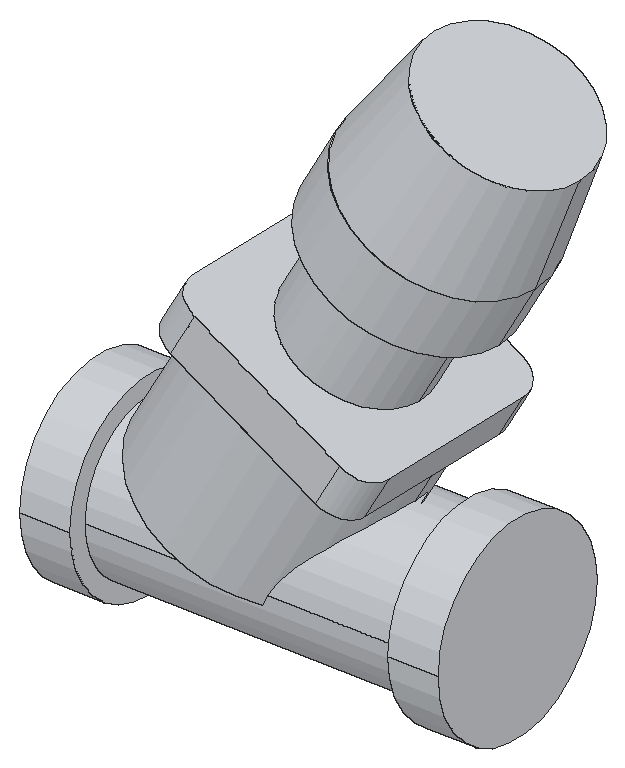
Revit family "OPTIMA_Compact_MM_DN20_5,0_RFA_2018", category Pipe Accessories, Revit 2018
Family settings
  Round Connector Dimension = Use Diameter
  Part Type = Valve - Breaks Into
  Work Plane-Based = No
  Always vertical = Yes
  Cut with Voids When Loaded = No
  Shared = No
Parameters (values of type "OPTIMA Compact DN20 M-M 5.0mm")
  magiProductId = "dbf1ea5749af4e6bb74c096f7a23b2"
  magiProductFamilyId = "78ecc78dd0e54fb5aa8a98aef7d402"
  magiPartTypeId = 304
  isMeasuringValve [instance] = no
  ang2D [instance] = 0.00°
  Z = 0 mm
  X = 10 mm
  W2D = 32 mm
  VersionID = "2.0/2018.8.28.1/FRESE_OPTIMA-COMPACT-MM_001"
  Use Minimum Symbol Size [instance] = yes
  URL = "www.hydronic.cz"
  Type Comments = "vnější závit; PN25; 0~120°C, bez měřicích vsuvek"
  R9 = 8 mm
  R8 = 14 mm
  R7 = 17 mm
  R6 = 12 mm
  R5 = 5 mm
  R4 = 19 mm
  R3 = 19 mm
  R2 = 13.5 mm
  R1 = 16.5 mm
  QmdConnectorList = "301;D;302;D"
  Productdata [instance] = ""
  PLG0 = no
  Manufacturer = "Hydronic Systems Prague s.r.o."
  MC Product Code = "53-1308  (1\" M-M; 5.0mm; Qmin-dpmin 220l/h-16.0kPa; Qmax-dpmin 1330l/h-21.6kPa; dpmax 800kPa)"
  MC Piping Given Pressure Drop [instance] = 0.0 Pa
  LL = 35 mm
  L3 = 11 mm
  L2D_Min = 3048 mm
  L2D = 104 mm
  L2 = 53.2 mm
  L1__ve = -L1  # -8.4 mm
  L1 = 8.4 mm
  H6__ve = -H6  # -58.5 mm
  H6 = 58.5 mm
  H5 = 20 mm
  H4 = 12 mm
  H3 = 18 mm
  H2 = 8 mm
  H1 = 26 mm
  Description = "Tlakově nezávislý 2-cestný regulační vyvažovací ventil (PICV)"
  D = 20 mm
  A = 30.00°
Types (8, lengths in mm): name | magiProductId | Z | X | R4 | R3 | R2 | R1 | MC Product Code | LL | L3 | L2 | L1__ve | L1 | H6__ve | H6 | H5 | H3 | H2 | H1 | D
  OPTIMA Compact DN32 M-M 5.5mm | "9229f6b2647a4beea29cfed7a0464e" | 1 | 13 | 29 | 31.5 | 22 | 24 | "53-1314  (6/4\" M-M; 5.5mm; Qmin-dpmin 550l/h-17.9kPa; Qmax-dpmin 4001l/h-28.0kPa; dpmax 800kPa)" | 52 | 12.5 | 79.04 | -12.48 | 12.48 | -66 | 66 | 20 | 16 | 10 | 46 | 32
  OPTIMA Compact DN15 M-M 2.5mm | "cf91b4957677408aaed6de7f8e707d" | 0 | 7 | 19 | 19 | 12 | 13 | "53-1304  (3/4\" M-M; 2.5mm; Qmin-dpmin 100l/h-14.9kPa; Qmax-dpmin 575l/h-18.5kPa; dpmax 800kPa)" | 32.5 | 11 | 49.4 | -7.8 | 7.8 | -55 | 55 | 20 | 18 | 8 | 26 | 15
  OPTIMA Compact DN15 M-M 5.0mm | "3da7abe28dc3494da6d3a7ef2edb11" | 0 | 7 | 19 | 19 | 12 | 13 | "53-1305  (3/4\" M-M; 5.0mm; Qmin-dpmin 220l/h-16.0kPa; Qmax-dpmin 1330l/h-21.6kPa; dpmax 800kPa)" | 32.5 | 11 | 49.4 | -7.8 | 7.8 | -55 | 55 | 20 | 18 | 8 | 26 | 15
  OPTIMA Compact DN20 M-M 5.0mm | "dbf1ea5749af4e6bb74c096f7a23b2" | 0 | 10 | 19 | 19 | 13.5 | 16.5 | "53-1308  (1\" M-M; 5.0mm; Qmin-dpmin 220l/h-16.0kPa; Qmax-dpmin 1330l/h-21.6kPa; dpmax 800kPa)" | 35 | 11 | 53.2 | -8.4 | 8.4 | -58.5 | 58.5 | 20 | 18 | 8 | 26 | 20
  OPTIMA Compact DN20 M-M 5.5mm | "a40c776a67e54a899e920652842cb9" | 0 | 10 | 19 | 19 | 13.5 | 16.5 | "53-1311  (1\" M-M; 5.5mm; Qmin-dpmin 300l/h-17.8kPa; Qmax-dpmin 1800l/h-40.0kPa; dpmax 800kPa)" | 35 | 11 | 53.2 | -8.4 | 8.4 | -58.5 | 58.5 | 20 | 18 | 8 | 26 | 20
  OPTIMA Compact DN25 M-M 5.5mm | "c9531e40f709430d814b4200686e37" | 0 | 13 | 29 | 31.5 | 18.5 | 21 | "53-1313  (5/4\" M-M; 5.5mm; Qmin-dpmin 600l/h-17.3kPa; Qmax-dpmin 3609l/h-23.0kPa; dpmax 800kPa)" | 52 | 12.5 | 79.04 | -12.48 | 12.48 | -63 | 63 | 20 | 16 | 10 | 43 | 25
  OPTIMA Compact DN10 M-M 2.5mm | "719160033de540c9acf49957212ec3" | 0 | 7 | 19 | 19 | 9 | 10.5 | "53-1300  (1/2\" M-M; 2.5mm; Qmin-dpmin 30l/h-14.3kPa; Qmax-dpmin 200l/h-15.8kPa; dpmax 800kPa)" | 32.5 | 11 | 49.4 | -7.8 | 7.8 | -52.5 | 52.5 | 17 | 18 | 8 | 30 | 10
  OPTIMA Compact DN10 M-M 5.0mm | "5a6cfbbfc7584f5c989f475761ae24" | 0 | 7 | 19 | 19 | 9 | 10.5 | "53-1309  (1/2\" M-M; 5.0mm; Qmin-dpmin 65l/h-14.6kPa; Qmax-dpmin 370l/h-17.2kPa; dpmax 800kPa)" | 32.5 | 11 | 49.4 | -7.8 | 7.8 | -52.5 | 52.5 | 17 | 18 | 8 | 30 | 10
Reference planes
  plane 1 "Center (Front/Back)": y = 0
  plane 2 "XYPLANE": z = 0
  plane 3 "Center (Left/Right)": x = 0
  plane 4 "267": x = 11
  plane 5 "266": x = -11
  plane 6 "252": through (-607.519, 0, 447.746) normal (0.5, 0, 0.866)
  plane 7 "250": through (-617.519, 0, 430.426) normal (0.5, 0, 0.866)
  plane 8 "248": through (-623.519, 0, 420.033) normal (0.5, 0, 0.866)
  plane 9 "245": through (-632.519, 0, 404.445) normal (0.5, 0, 0.866)
  plane 10 "241": through (349.885, 0, 664.019) normal (0.866, 0, -0.5)
  plane 11 "240": through (382.794, 0, 645.019) normal (0.866, 0, -0.5)
  plane 12 "239": y = -19
  plane 13 "238": y = 19
  plane 14 "237": through (-636.519, 0, 397.517) normal (0.5, 0, 0.866)
  plane 15 "235": through (-649.519, 0, 375) normal (0.5, 0, 0.866)
  plane 16 "231": y = 0
  plane 17 "230": through (366.34, 0, 654.519) normal (0.866, 0, -0.5)
  plane 18 "211": x = -26.6
  plane 19 "204": x = 35
  plane 20 "203": x = -35
  plane 21 "202": x = 0
  plane 22 "201": z = 0
  plane 23 "200": y = 0
  plane 24 "227XY": through (-649.519, 0, 375) normal (0.5, 0, 0.866)
  plane 25 "227XZ": y = 0
  plane 26 "227YZ": through (375, 0, 649.519) normal (0.866, 0, -0.5)
Forms (mm)
  Extrusion 1, solid, visible <- "PLG0"
    sketch origin (-750, 0, 0) x (1, 0, 0) y (0, 1, 0)
      loop
        circle (761, 0) r 8
    from 0 to -58.5 <- "H6__ve"
  Extrusion 2, solid, visible <- "PLG0"
    sketch origin (-750, 0, 0) x (1, 0, 0) y (0, 1, 0)
      loop
        circle (739, 0) r 8
    from 0 to -58.5 <- "H6__ve"
  Blend 3, solid
    base sketch origin (-617.519, 0, 430.426) x (0.866025, 0, -0.5) y (0, 1, 0)
      loop
        circle (740, 0) r 17
    top sketch origin (-617.519, 0, 430.426) x (0.866025, 0, -0.5) y (0, 1, 0)
      loop
        circle (740, 0) r 14
    from 0 to 20
  Extrusion 4, solid
    sketch origin (-623.519, 0, 420.033) x (0.866025, 0, -0.5) y (0, 1, 0)
      loop
        circle (740, 0) r 17
    from 0 to 12 <- "H4"
  Extrusion 5, solid
    sketch origin (-632.519, 0, 404.445) x (0.866025, 0, -0.5) y (0, 1, 0)
      loop
        circle (740, 0) r 12
    from 0 to 18 <- "H3"
  Extrusion 6, solid
    sketch origin (-636.519, 0, 397.517) x (0.866025, 0, -0.5) y (0, 1, 0)
      loop
        arc (726, 19) -> (722.464, 17.536) -> (721, 14) r 5
        line (721, 14) -> (721, -14)
        arc (721, -14) -> (722.464, -17.536) -> (726, -19) r 5
        line (726, -19) -> (754, -19)
        arc (754, -19) -> (757.536, -17.536) -> (759, -14) r 5
        line (759, -14) -> (759, 14)
        arc (759, 14) -> (757.536, 17.536) -> (754, 19) r 5
        line (754, 19) -> (726, 19)
    from 0 to 8 <- "H2"
  Extrusion 7, solid
    sketch origin (-649.519, 0, 375) x (0.866025, 0, -0.5) y (0, 1, 0)
      loop
        circle (740, 0) r 19
    from 0 to 26 <- "H1"
  Extrusion 8, solid
    sketch origin (-26.6, -750, 0) x (0, 1, 0) y (0, 0, 1)
      loop
        circle (750, 0) r 13.5
    from 0 to 53.2 <- "L2"
  Extrusion 9, solid
    sketch origin (35, -750, 0) x (0, 1, 0) y (0, 0, 1)
      loop
        circle (750, 0) r 16.5
    from 0 to -8.4 <- "L1__ve"
  Extrusion 10, solid
    sketch origin (-35, -750, 0) x (0, 1, 0) y (0, 0, 1)
      loop
        circle (750, 0) r 16.5
    from 0 to 8.4 <- "L1"
  Extrusion 11, solid, not visible
    sketch origin (35, -750, 0) x (0, 1, 0) y (0, 0, 1)
      loop
        circle (750, 0) r 10
    from 0 to -10
  Extrusion 12, solid, not visible
    sketch origin (-35, -750, 0) x (0, 1, 0) y (0, 0, 1)
      loop
        circle (750, 0) r 10
    from 0 to 10
Lines and regions (mm)
  reference lines, not visible
    curve 1: circle (2, 2, 0) r 1 normal (0, 0, 1)
Dimensions and locks
  plane 1 "Center (Front/Back)" to curve 1 = 2 mm
  "L3": plane 3 "Center (Left/Right)" to plane 4 "267"
  "L3": plane 3 "Center (Left/Right)" to plane 5 "266"
  "H5": plane 7 "250" to plane 6 "252"
  "H4": plane 8 "248" to plane 7 "250"
  "H3": plane 9 "245" to plane 8 "248"
  "H2": plane 14 "237" to plane 9 "245"
  "R4": plane 17 "230" to plane 10 "241"
  "R4": plane 17 "230" to plane 11 "240"
  "R4": plane 23 "200" to plane 12 "239"
  "R4": plane 23 "200" to plane 13 "238"
  "H1": plane 15 "235" to plane 14 "237"
  "Z": plane 24 "227XY" to plane 15 "235"
  locked: plane 23 "200" to plane 16 "231"
  "X": plane 26 "227YZ" to plane 17 "230"
  "L1": plane 20 "203" to plane 18 "211"
  "LL": plane 3 "Center (Left/Right)" to plane 19 "204"
  "LL": plane 3 "Center (Left/Right)" to plane 20 "203"
  locked: plane 3 "Center (Left/Right)" to plane 21 "202"
  locked: plane 2 "XYPLANE" to plane 22 "201"
  locked: plane 1 "Center (Front/Back)" to plane 23 "200"
  Extrusion 6 sketch curve to Extrusion 6 sketch curve = 0 mm  (x16)
  "R9": radius of Extrusion 1 sketch curve
  "R9": radius of Extrusion 2 sketch curve
  "R8": radius of Blend 3 sketch curve
  "R7": radius of Blend 3 sketch curve
  "R7": radius of Extrusion 4 sketch curve
  "R6": radius of Extrusion 5 sketch curve
  "R5": radius of Extrusion 6 sketch curve  (x4)
  "R3": radius of Extrusion 7 sketch curve
  "R2": radius of Extrusion 8 sketch curve
  "R1": radius of Extrusion 9 sketch curve
  "R1": radius of Extrusion 10 sketch curve
  aligned and locked: level to plane 2 "XYPLANE"
  aligned and locked: plane 4 "267" to Extrusion 1 sketch curve
  aligned and locked: plane 23 "200" to Extrusion 1 sketch curve
  aligned and locked: plane 5 "266" to Extrusion 2 sketch curve
  aligned and locked: plane 23 "200" to Extrusion 2 sketch curve
  aligned and locked: plane 16 "231" to Blend 3 sketch curve  (x2)
  aligned and locked: Blend 3 sketch curve to plane 17 "230"  (x2)
  aligned and locked: plane 6 "252" to Blend 3
  aligned and locked: plane 16 "231" to Extrusion 4 sketch curve
  aligned and locked: Extrusion 4 sketch curve to plane 17 "230"
  aligned and locked: plane 16 "231" to Extrusion 5 sketch curve
  aligned and locked: Extrusion 5 sketch curve to plane 17 "230"
  aligned and locked: Extrusion 6 sketch curve to plane 10 "241"
  aligned and locked: Extrusion 6 sketch curve to plane 12 "239"
  aligned and locked: Extrusion 6 sketch curve to plane 11 "240"
  aligned and locked: plane 13 "238" to Extrusion 6 sketch curve
  aligned and locked: plane 16 "231" to Extrusion 7 sketch curve
  aligned and locked: Extrusion 7 sketch curve to plane 17 "230"
  aligned and locked: plane 22 "201" to Extrusion 8 sketch curve
  aligned and locked: Extrusion 8 sketch curve to plane 23 "200"
  aligned and locked: plane 22 "201" to Extrusion 9 sketch curve
  aligned and locked: Extrusion 9 sketch curve to plane 23 "200"
  aligned and locked: plane 22 "201" to Extrusion 10 sketch curve
  aligned and locked: Extrusion 10 sketch curve to plane 23 "200"
  aligned and locked: plane 22 "201" to Extrusion 11 sketch curve
  aligned and locked: Extrusion 11 sketch curve to plane 23 "200"
  aligned and locked: plane 22 "201" to Extrusion 12 sketch curve
  aligned and locked: Extrusion 12 sketch curve to plane 23 "200"
Automatic sketch dimensions
  plane 1 "Center (Front/Back)" to Extrusion 11 sketch curve = 10 mm
  plane 1 "Center (Front/Back)" to Extrusion 12 sketch curve = 10 mm
  plane 3 "Center (Left/Right)" to curve 1 = 2 mm
  radius of curve 1 = 1 mm
Connectors
  piping at (-35, 0, 0), diameter 20, driven by "D"
    settings: on Extrusion 12, index 1, connector inside diameter 609.6 mm, connector length 0 mm, flow factor 0, pipe flow 0.0 L/s, pressure drop 0.0 Pa, fitting loss kfactor 0, connector angle 0.00°, fixture units 0, engagement length 0 mm, angle of deflection 0.00°, flow configuration 0, flow direction 0, fitting loss method 0, system type 29, joint type 0, gender type 0, connector reference index 2, connector utility 0, adjustable connector no, is connector primary yes, connector description ""
  piping at (35, 0, 0), diameter 20, driven by "D"
    settings: on Extrusion 11, index 2, connector inside diameter 609.6 mm, connector length 0 mm, flow factor 0, pipe flow 0.0 L/s, pressure drop 0.0 Pa, fitting loss kfactor 0, connector angle 0.00°, fixture units 0, engagement length 0 mm, angle of deflection 0.00°, flow configuration 0, flow direction 0, fitting loss method 0, system type 29, joint type 0, gender type 0, connector reference index 1, connector utility 0, adjustable connector no, is connector primary no, connector description ""
